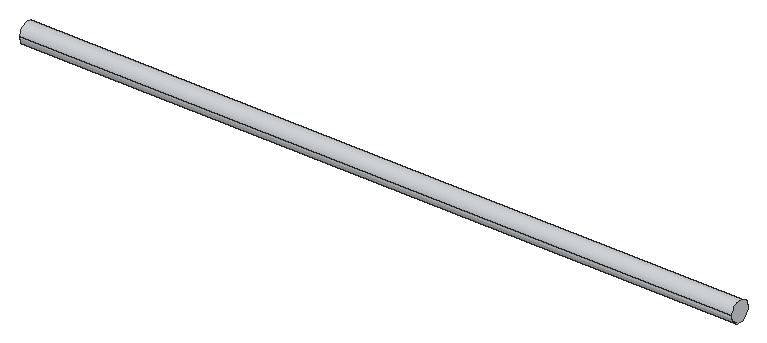
Revit family "G06 structure frames 2", category Structural Framing, Revit 2023
Family settings
  Section Shape = Not Defined
  Material for Model Behavior = Other
  Always export as geometry = No
  OmniClass Number = 23.25.30.11.14.14
  OmniClass Title = Beams
  Always vertical = Yes
  Cut with Voids When Loaded = No
  Symbolic Representation = From Family
  Shared = No
  Show family pre-cut in plan views = Yes
Parameters
  start r [instance] = 0.05 m
  end r [instance] = 0.05 m
  Length [instance] = 3.6 m
Reference planes (m)
  plane 1 "Center (Front/Back)": y = 0
  plane 2 "Center Elevation": z = 0
  plane 3 "Center (Left/Right)": x = 0
  plane 4 "start": x = -1.8
  plane 5 "end": x = 1.8
Forms (m)
  SweptBlend 1, solid
    path in 3D
      loop
        line (-1.8, 0, 0) -> (1.8, 0, 0)
    profile origin (-1.8, 0, 0) x (0, 1, 0) y (0, 0, 1)
      loop
        circle (0, 0) r 0.05
    end profile origin (1.8, 0, 0) x (0, 1, 0) y (0, 0, 1)
      loop
        circle (0, 0) r 0.05
Lines and regions (m)
  reference lines
    curve 1: line (-1.8, 0, 0) -> (1.8, 0, 0)
  sketch lines
    curve 2: line (-1.8, 0, 0) -> (1.8, 0, 0)
Dimensions and locks (m)
  "Length": plane 4 "start" to plane 5 "end"
  equal spacing: plane 4 "start", plane 3 "Center (Left/Right)", plane 5 "end"
  "start r": radius of SweptBlend 1 sketch curve
  "end r": radius of SweptBlend 1 sketch curve
  aligned and locked: level to plane 2 "Center Elevation"
Automatic sketch dimensions
  plane 1 "Center (Front/Back)" to curve 1 = 0 m
  curve 1 to plane 4 "start" = 0 m
  curve 1 to plane 5 "end" = 0 m
  SweptBlend 1 sketch curve to profile plane = 0 m  (x4)
